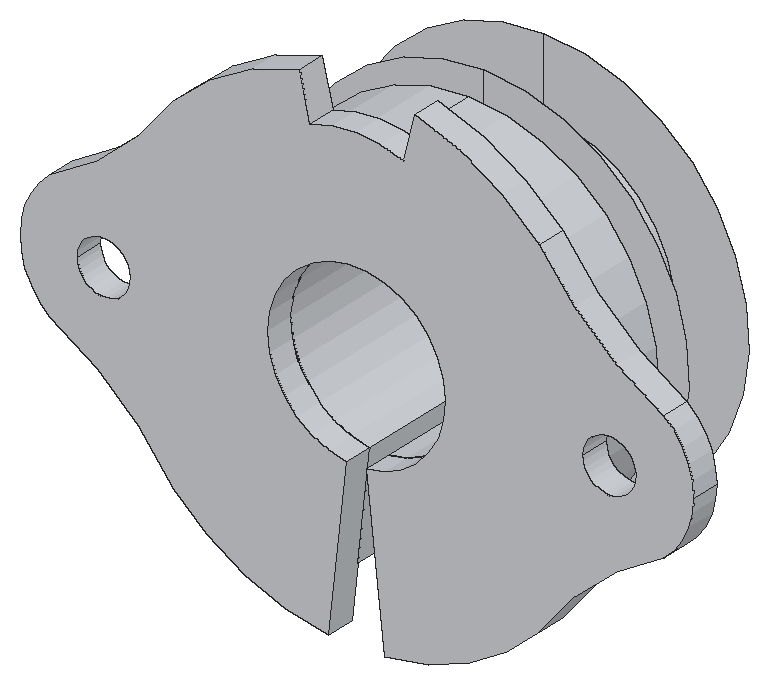
Revit family
Parameters
  URL = "www.siouxchief.com"
  Type Comments = "1/2\""
  Model = "558-2"
  Manufacturer = "Sioux Chief Manufacturing"
  Description = "Pipe Eye Tube Insulator"
Reference planes (in)
  plane 1 "Center (Front/Back)": y = 0
  plane 2: z = 0
  plane 3 "Center (Left/Right)": x = 0
Forms (in)
  Revolve 1, solid
    sketch origin (0, 0.89451, -2.175) x (0, 1, 0) y (0, 0, 1)
      loop
        line (0, 2.1441) -> (0, 2.6056) -> (-0.05, 2.6056) -> (-0.175, 2.8626) -> (-0.175, 2.6056) -> (-0.313, 2.6056) -> (-0.438, 2.8626) -> (-0.438, 2.6056) -> (-0.503, 2.6056) -> (-0.503, 2.8076) -> (-0.89451, 2.8076) -> (-0.89451, 2.1441) -> (0, 2.1441)
      axis (0, 2.1441) -> (-0.89451, 2.1441)
    angle from 0 to 360
  Extrusion 2, void
    sketch origin (0, 0, 0) x (1, 0, 0) y (0, 0, 1)
      loop
        arc (0.03499, -0.31053) -> (0, 0.3125) -> (-0.03499, -0.31053) r 0.3125
        line (-0.03499, -0.31053) -> (-0.10534, -0.93481)
        arc (-0.10534, -0.93481) -> (0, -0.93915) -> (0.10534, -0.93481) r 1.28139
        line (0.10534, -0.93481) -> (0.03499, -0.31053)
    from -1.16247 to 0.24651
  Extrusion 3, solid
    sketch origin (0, 0, 0) x (1, 0, 0) y (0, 0, 1)
      loop
        arc (-1.07804, 0.22403) -> (-1.15446, 0.12341) -> (-1.1816, 0) r 0.2941
        arc (-1.1816, 0) -> (-1.15446, -0.12341) -> (-1.07804, -0.22403) r 0.2941
        arc (-1.07804, -0.22403) -> (-0.83497, -0.38775) -> (-0.64244, -0.60869) r 1.125
        arc (-0.64244, -0.60869) -> (-0.34967, -0.81299) -> (0, -0.885) r 0.885
        arc (0, -0.885) -> (0.34967, -0.81299) -> (0.64244, -0.60869) r 0.885
        arc (0.64244, -0.60869) -> (0.83497, -0.38775) -> (1.07804, -0.22403) r 1.125
        arc (1.07804, -0.22403) -> (1.15446, -0.12341) -> (1.1816, 0) r 0.2941
        arc (1.1816, 0) -> (1.15446, 0.12341) -> (1.07804, 0.22403) r 0.2941
        arc (1.07804, 0.22403) -> (0.83497, 0.38775) -> (0.64244, 0.60869) r 1.125
        arc (0.64244, 0.60869) -> (0.34967, 0.81299) -> (0, 0.885) r 0.885
        arc (0, 0.885) -> (-0.34967, 0.81299) -> (-0.64244, 0.60869) r 0.885
        arc (-0.64244, 0.60869) -> (-0.83497, 0.38775) -> (-1.07804, 0.22403) r 1.125
    from 0 to 0.1
  Extrusion 4, void
    sketch origin (0, 0, 0) x (1, 0, 0) y (0, 0, 1)
      loop
        line (0.16522, 0.70528) -> (0.2165, 0.91887)
        arc (0.2165, 0.91887) -> (0.00031, 0.94436) -> (-0.21589, 0.91902) r 0.93234
        line (-0.21589, 0.91902) -> (-0.16463, 0.70549)
        arc (-0.16463, 0.70549) -> (0.00031, 0.73449) -> (0.16522, 0.70528) r 0.48191
    from 0 to 0.5
  Extrusion 5, void
    sketch origin (0, 0, 0) x (1, 0, 0) y (0, 0, 1)
      loop
        circle (-0.88771, 0) r 0.09375
      loop
        circle (0.88771, 0) r 0.09375
    from 0 to 0.5
Cuts and joins
  Extrusion 2, Extrusion 4, Extrusion 5 cuts Revolve 1
  Extrusion 2, Extrusion 4, Extrusion 5 cuts Extrusion 3
Dimensions and locks (in)
  aligned and locked: plane 2 to level
  aligned and locked: plane 1 "Center (Front/Back)" to Revolve 1 sketch curve
Connectors (in)
  piping at (0.00007, -0.1, 0.04188)
    settings: on cut or joined group of Extrusion 2, Extrusion 3, Extrusion 4, Extrusion 5, index 1, connector radius 1/4", flow factor 0, pipe flow 0 GPM, pressure drop 0.00 psi, fitting loss kfactor 0, connector angle 0.00°, fixture units 0, flow configuration 0, flow direction 0, fitting loss method 0, system type 22, connector reference index -1, connector utility 0, adjustable connector no, is connector primary yes, fitting loss table "", connector description "1/2\""
  piping at (0.00007, 0, 0.04188)
    settings: on cut or joined group of Extrusion 2, Extrusion 3, Extrusion 4, Extrusion 5, index 2, connector radius 1/4", flow factor 0, pipe flow 0 GPM, pressure drop 0.00 psi, fitting loss kfactor 0, connector angle 0.00°, fixture units 0, flow configuration 0, flow direction 0, fitting loss method 0, system type 22, connector reference index -1, connector utility 0, adjustable connector no, is connector primary no, fitting loss table "", connector description "1/2\""
